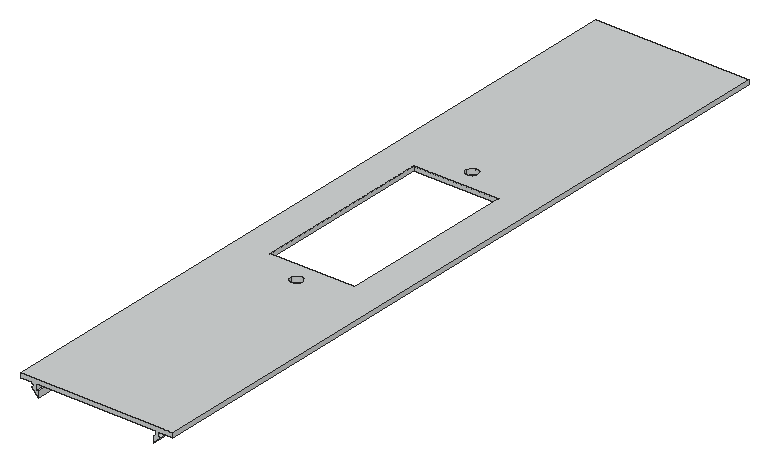
Revit family "Specialty_Equipment-Metal_Raceway-Hubbell_Wiring-Hubbell_Istation_Cover-HBLALU57LPB", category Specialty Equipment, host Face, Revit 2015
Parameters (values of type "HBLALU57LPB")
  URL = "http://www.hubbell-wiring.com/"
  Product data url = "https://bimobject.com/hubbellwiring/product/hubbell-metal-raceway-alu5000"
  Product Page URL = "http://ecatalog.hubbell-wiring.com/ProductInformation/ViewCatalog.aspx?Dest=hubbell-wiring.com/press/catalog/r.pdf"
  Product Documentation Link = "http://www.hubbell-wiring.com/press/pdfs/h5233r08.pdf"
  Model = "HBLALU57LPB"  # constant formula
  Manufacturer = "Hubbell Wiring Device Kellems"  # constant formula
  Host Note = "Add in Section View; Host to Wall"  # constant formula
  Description = "Hubbell Istation Cover"  # constant formula
  Default Elevation = 48.00"
  Cable Tray Material = Metal-Hubbell-Aluminium
  B = 12.00"
  Assembly Code = "D5090900"
  A = 2.54"
Reference planes (in)
  plane 1 "Center (Front/Back)": y = 0
  plane 2: z = 0
  plane 3 "Center (Left/Right)": x = 0
  plane 4: z = 1.585
  plane 5: y = 6
  plane 6: y = -6
  plane 7: x = -1.27
  plane 8: x = 1.27
  plane 9: y = 1.5
  plane 10: y = -1.5
Forms (in)
  Extrusion 1, void, detail levels medium+fine
    sketch origin (1.49625, 0, 2.17481) x (0, -1, 0) y (-1, 0, 0)
      loop
        line (1.5, 0.78) -> (1.5, 2.2125) -> (-1.5, 2.2125) -> (-1.5, 0.78) -> (1.5, 0.78)
    from 0.515 to 0.58981
  Extrusion 2, solid, material "Metal-Hubbell-Aluminium" <- "Cable Tray Material"
    sketch origin (0, 0, 0) x (1, 0, 0) y (0, 0, 1)
      loop
        line (-1.27, 1.65981) -> (-1.27, 1.585) -> (-1.08047, 1.585)
        arc (-1.08047, 1.585) -> (-1.04559, 1.55149) -> (-1.07767, 1.51529) r 0.03491
        line (-1.07767, 1.51529) -> (-0.9637, 1.40132) -> (-0.9637, 1.5052) -> (-0.99569, 1.5052) -> (-0.99569, 1.585) -> (0.98819, 1.585) -> (0.98819, 1.5052) -> (0.9562, 1.5052) -> (0.9562, 1.40132) -> (1.07017, 1.51529)
        arc (1.07017, 1.51529) -> (1.03809, 1.55149) -> (1.07298, 1.585) r 0.03491
        line (1.07298, 1.585) -> (1.27, 1.585) -> (1.27, 1.65981) -> (-1.27, 1.65981)
    from -6 to 6
  Extrusion 3, void, detail levels medium+fine
    sketch origin (0, 0, 0) x (1, 0, 0) y (0, 1, 0)
      loop
        circle (0, 1.82877) r 0.09895
      loop
        circle (0, -1.82877) r 0.09895
    from 1.585 to 1.65981
Cuts and joins
  Extrusion 1, Extrusion 3 cuts Extrusion 2
Lines and regions (in)
  reference lines
    curve 1: line (-0.71625, -1.5, 1.585) -> (0.71625, -1.5, 1.585)
    curve 2: line (-0.71625, 1.5, 1.585) -> (-0.71625, -1.5, 1.585)
    curve 3: line (0.71625, 1.5, 1.585) -> (-0.71625, 1.5, 1.585)
    curve 4: line (0.71625, -1.5, 1.585) -> (0.71625, 1.5, 1.585)
    curve 5: line (-1.27, 0, 1.65981) -> (-1.27, 0, 1.585)
    curve 6: line (1.27, 0, 1.65981) -> (-1.27, 0, 1.65981)
    curve 7: line (1.27, 0, 1.585) -> (1.27, 0, 1.65981)
    curve 8: line (1.07298, 0, 1.585) -> (1.27, 0, 1.585)
    curve 9: arc (1.07017, 0, 1.51529) -> (1.03809, 0, 1.55149) -> (1.07298, 0, 1.585) r 0.03491
    curve 10: line (0.9562, 0, 1.40132) -> (1.07017, 0, 1.51529)
    curve 11: line (0.9562, 0, 1.5052) -> (0.9562, 0, 1.40132)
    curve 12: line (0.98819, 0, 1.5052) -> (0.9562, 0, 1.5052)
    curve 13: line (0.98819, 0, 1.585) -> (0.98819, 0, 1.5052)
    curve 14: line (-0.99569, 0, 1.585) -> (0.98819, 0, 1.585)
    curve 15: line (-0.99569, 0, 1.5052) -> (-0.99569, 0, 1.585)
    curve 16: line (-0.9637, 0, 1.5052) -> (-0.99569, 0, 1.5052)
    curve 17: line (-0.9637, 0, 1.40132) -> (-0.9637, 0, 1.5052)
    curve 18: line (-1.07767, 0, 1.51529) -> (-0.9637, 0, 1.40132)
    curve 19: arc (-1.08047, 0, 1.585) -> (-1.04559, 0, 1.55149) -> (-1.07767, 0, 1.51529) r 0.03491
    curve 20: line (-1.27, 0, 1.585) -> (-1.08047, 0, 1.585)
    curve 37: circle (0, 1.82877, 1.585) r 0.09895 normal (0, 0, 1)
    curve 38: circle (0, -1.82877, 1.585) r 0.09895 normal (0, 0, -1)
  symbolic lines
    curve 21: line (-1.27, -6, 0) -> (1.27, -6, 0)
    curve 22: line (-1.27, 6, 0) -> (-1.27, -6, 0)
    curve 23: line (1.27, 6, 0) -> (-1.27, 6, 0)
    curve 24: line (1.27, -6, 0) -> (1.27, 6, 0)
    curve 25: line (0.71625, 1.5, 0) -> (-0.71625, 1.5, 0)
    curve 26: line (0.71625, -1.5, 0) -> (0.71625, 1.5, 0)
    curve 27: line (-0.71625, -1.5, 0) -> (0.71625, -1.5, 0)
    curve 28: line (-0.71625, 1.5, 0) -> (-0.71625, -1.5, 0)
    curve 29: line (0, 6, 1.585) -> (0, -6, 1.585)
    curve 30: line (0, 6, 1.65981) -> (0, 6, 1.585)
    curve 31: line (0, -6, 1.65981) -> (0, 6, 1.65981)
    curve 32: line (0, -6, 1.585) -> (0, -6, 1.65981)
    curve 33: line (1.27, 0, 1.585) -> (-1.27, 0, 1.585)
    curve 34: line (1.27, 0, 1.65981) -> (1.27, 0, 1.585)
    curve 35: line (-1.27, 0, 1.65981) -> (1.27, 0, 1.65981)
    curve 36: line (-1.27, 0, 1.585) -> (-1.27, 0, 1.65981)
    curve 39: arc (-0.09895, 1.82877, 0) -> (0, 1.72982, 0) -> (0.09895, 1.82877, 0) r 0.09895
    curve 40: arc (0.09895, 1.82877, 0) -> (0, 1.92771, 0) -> (-0.09895, 1.82877, 0) r 0.09895
    curve 41: arc (0.09895, -1.82877, 0) -> (0, -1.72982, 0) -> (-0.09895, -1.82877, 0) r 0.09895
    curve 42: arc (-0.09895, -1.82877, 0) -> (0, -1.92771, 0) -> (0.09895, -1.82877, 0) r 0.09895
Dimensions and locks (in)
  equal spacing: plane 5, plane 1 "Center (Front/Back)", plane 6
  equal spacing: curve 2, plane 3 "Center (Left/Right)", curve 4
  plane 4 to host face = 1.585"
  "B": plane 5 to plane 6
  equal spacing: plane 7, plane 3 "Center (Left/Right)", plane 8
  "A": plane 7 to plane 8
  equal spacing: plane 9, plane 1 "Center (Front/Back)", plane 10
  plane 9 to plane 10 = 3.00"
  locked: curve 37 to plane 9 at 0.32877
  locked: plane 10 to curve 38 at 0.32877
  radius of curve 37 = 0.09895"
  radius of curve 38 = 0.09895"
  aligned and locked: plane 2 to host face
  aligned and locked: level to host face
  aligned and locked: curve 4 to Extrusion 1 sketch curve
  aligned and locked: curve 2 to Extrusion 1 sketch curve
  aligned and locked: Extrusion 2 sketch curve to curve 5
  aligned and locked: Extrusion 2 sketch curve to curve 6
  aligned and locked: Extrusion 2 sketch curve to curve 7
  aligned and locked: Extrusion 2 sketch curve to curve 9
  aligned and locked: Extrusion 2 sketch curve to curve 10
  aligned and locked: Extrusion 2 sketch curve to curve 11
  aligned and locked: Extrusion 2 sketch curve to curve 13
  aligned and locked: Extrusion 2 sketch curve to curve 12
  aligned and locked: Extrusion 2 sketch curve to curve 14
  aligned and locked: Extrusion 2 sketch curve to curve 15
  aligned and locked: Extrusion 2 sketch curve to curve 16
  aligned and locked: Extrusion 2 sketch curve to curve 17
  aligned and locked: Extrusion 2 sketch curve to curve 18
  aligned and locked: Extrusion 2 sketch curve to curve 19
  aligned and locked: Extrusion 2 sketch curve to curve 20
  aligned and locked: plane 5 to Extrusion 2
  aligned and locked: Extrusion 2 to plane 6
  aligned and locked: plane 5 to curve 23
  aligned and locked: curve 24 to plane 8
  aligned and locked: curve 21 to plane 6
  aligned and locked: curve 22 to plane 7
  aligned and locked: curve 25 to cut or joined group of Extrusion 1, Extrusion 2, Extrusion 3
  aligned and locked: curve 26 to cut or joined group of Extrusion 1, Extrusion 2, Extrusion 3
  aligned and locked: curve 27 to cut or joined group of Extrusion 1, Extrusion 2, Extrusion 3
  aligned and locked: curve 28 to cut or joined group of Extrusion 1, Extrusion 2, Extrusion 3
  aligned and locked: curve 30 to plane 5
  aligned and locked: plane 4 to curve 29
  aligned and locked: plane 6 to curve 32
  aligned and locked: plane 9 to Extrusion 1 sketch curve
  aligned and locked: Extrusion 1 sketch curve to plane 10
  aligned and locked: plane 9 to curve 3
  aligned and locked: curve 1 to plane 10
  aligned and locked: Extrusion 3 sketch curve to curve 37
  aligned and locked: Extrusion 3 sketch curve to curve 38
  aligned and locked: Extrusion 3 to Extrusion 1
  aligned and locked: Extrusion 3 to plane 4
  aligned and locked: curve 39 to cut or joined group of Extrusion 1, Extrusion 2, Extrusion 3
  aligned and locked: curve 40 to cut or joined group of Extrusion 1, Extrusion 2, Extrusion 3
  aligned and locked: curve 41 to cut or joined group of Extrusion 1, Extrusion 2, Extrusion 3
  aligned and locked: curve 42 to cut or joined group of Extrusion 1, Extrusion 2, Extrusion 3
  aligned and locked: Extrusion 1 to plane 4
  aligned and locked: curve 34 to Extrusion 1
Automatic sketch dimensions
  curve 29 to curve 31 = 0.07481"
  curve 33 to plane 4 = 0.00"
  curve 33 to plane 7 = 0.00"
  plane 8 to curve 35 = 0.00"
  host sketch curve to host sketch curve = 96.00"  (x2)
  curve 5 to plane 4 = 0.00"
  curve 5 to plane 7 = 0.00"
  curve 14 to plane 4 = 0.00"
  curve 9 to plane 4 = 0.00"
  plane 8 to curve 7 = 0.00"
  plane 7 to curve 19 = 0.18953"
  curve 19 to curve 19 = 0.00281"
  curve 19 to curve 14 = 0.08479"
  curve 15 to curve 17 = 0.03199"
  plane 8 to curve 10 = 0.3138"
  curve 11 to curve 13 = 0.03199"
  curve 10 to plane 4 = 0.06971"
  curve 12 to curve 10 = 0.08198"
  curve 9 to curve 9 = 0.00281"
  curve 12 to plane 4 = 0.0798"
  curve 15 to plane 4 = 0.0798"
  curve 10 to curve 11 = 0.10388"
  curve 17 to curve 16 = 0.10388"
  curve 19 to plane 4 = 0.06971"
  curve 5 to curve 6 = 0.07481"
  plane 8 to curve 1 = 0.55375"
  curve 38 to plane 3 "Center (Left/Right)" = 0.00"
  curve 37 to plane 3 "Center (Left/Right)" = 0.00"
